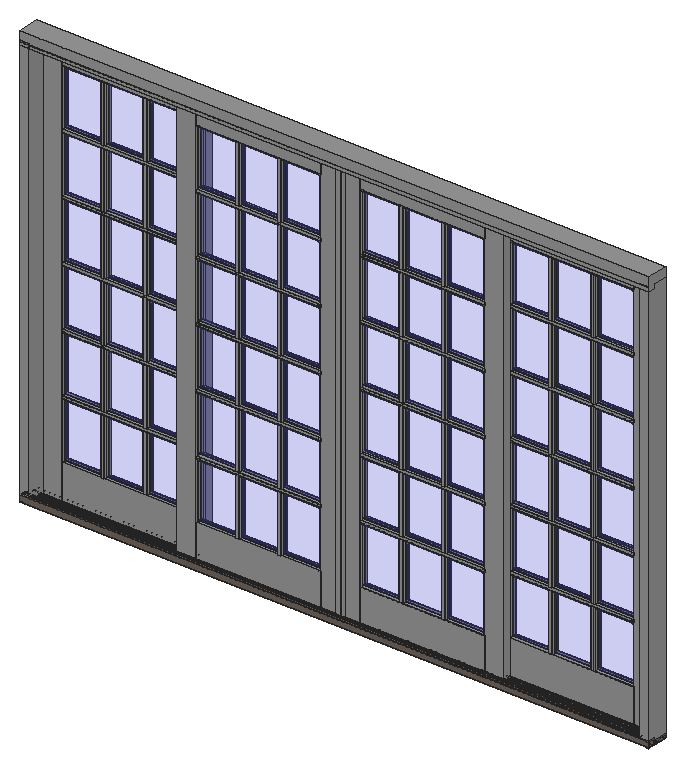
Revit family "VSDA3.1SPCO", category Doors, host Wall, Revit 2015 (continued)
Forms (mm)
  Extrusion 62, solid, material "Glass"
    sketch origin (1183.125, -64.05, -73.649) x (1, 0, 0) y (0, 0, 1)
      loop
        line (43.065, 1438.649) -> (43.065, 1154.66) -> (240.875, 1154.66) -> (240.875, 1438.649) -> (43.065, 1438.649)
      loop
        line (-167.785, 1438.66) -> (-167.785, 1154.66) -> (30.055, 1154.66) -> (30.055, 1438.66) -> (-167.785, 1438.66)
      loop
        line (-378.625, 1438.66) -> (-378.625, 1154.671) -> (-180.795, 1154.671) -> (-180.795, 1438.66) -> (-378.625, 1438.66)
      loop
        line (43.065, 1141.649) -> (43.065, 857.66) -> (240.875, 857.66) -> (240.875, 1141.649) -> (43.065, 1141.649)
      loop
        line (-167.785, 1141.66) -> (-167.785, 857.66) -> (30.055, 857.66) -> (30.055, 1141.66) -> (-167.785, 1141.66)
      loop
        line (-378.625, 1141.66) -> (-378.625, 857.671) -> (-180.795, 857.671) -> (-180.795, 1141.66) -> (-378.625, 1141.66)
      loop
        line (43.065, 844.649) -> (43.065, 560.66) -> (240.875, 560.66) -> (240.875, 844.649) -> (43.065, 844.649)
      loop
        line (-167.785, 844.66) -> (-167.785, 560.66) -> (30.055, 560.66) -> (30.055, 844.66) -> (-167.785, 844.66)
      loop
        line (-378.625, 844.66) -> (-378.625, 560.671) -> (-180.795, 560.671) -> (-180.795, 844.66) -> (-378.625, 844.66)
      loop
        line (43.065, 547.649) -> (43.065, 263.66) -> (240.875, 263.66) -> (240.875, 547.649) -> (43.065, 547.649)
      loop
        line (-167.785, 547.66) -> (-167.785, 263.66) -> (30.055, 263.66) -> (30.055, 547.66) -> (-167.785, 547.66)
      loop
        line (-378.625, 547.66) -> (-378.625, 263.671) -> (-180.795, 263.671) -> (-180.795, 547.66) -> (-378.625, 547.66)
    from -112.5 to -106.1
  Extrusion 63, solid, material "Lauan, Meranti"
    sketch origin (655, 0, 0) x (1, 0, 0) y (0, 1, 0)
      loop
        line (360.34, 31) -> (360.34, 33)
        arc (360.34, 33) -> (365.01, 34.634) -> (367.34, 39) r 6.807
        line (367.34, 39) -> (369.34, 39) -> (369.34, 41) -> (360.34, 41) -> (360.34, 71) -> (347.34, 71) -> (347.34, 41) -> (338.34, 41) -> (338.34, 39) -> (340.34, 39)
        arc (340.34, 39) -> (342.67, 34.634) -> (347.34, 33) r 6.807
        line (347.34, 33) -> (347.34, 31) -> (360.34, 31)
      loop
        line (571.18, 31) -> (571.18, 33)
        arc (571.18, 33) -> (575.85, 34.634) -> (578.18, 39) r 6.807
        line (578.18, 39) -> (580.18, 39) -> (580.18, 41) -> (571.18, 41) -> (571.18, 71) -> (558.18, 71) -> (558.18, 41) -> (549.18, 41) -> (549.18, 39) -> (551.18, 39)
        arc (551.18, 39) -> (553.51, 34.634) -> (558.18, 33) r 6.807
        line (558.18, 33) -> (558.18, 31) -> (571.18, 31)
    from 1675 to 1959
  Sweep 64, solid, material "Lauan, Meranti"
    path origin (699.785, -75, -781.763) x (1, 0, 0) y (0, 0, 1)
      loop
        line (315.575, 2740.763) -> (315.575, 2456.763) -> (513.395, 2456.763) -> (513.395, 2740.763) -> (315.575, 2740.763)
    profile origin (1114.27, -75, 1959) x (0, 0, 1) y (0, -1, 0)
      loop
        line (-9, -124.5) -> (-9, -126.5) -> (-7, -126.5)
        arc (-7, -126.5) -> (-4.67, -130.866) -> (0, -132.5) r 6.807
        line (0, -132.5) -> (0, -124.5) -> (-9, -124.5)
  Sweep 65, solid, material "Lauan, Meranti"
    path origin (488.945, -75, -781.763) x (1, 0, 0) y (0, 0, 1)
      loop
        line (315.575, 2740.763) -> (315.575, 2456.763) -> (513.395, 2456.763) -> (513.395, 2740.763) -> (315.575, 2740.763)
    profile origin (903.43, -75, 1959) x (0, 0, 1) y (0, -1, 0)
      loop
        line (-9, -124.5) -> (-9, -126.5) -> (-7, -126.5)
        arc (-7, -126.5) -> (-4.67, -130.866) -> (0, -132.5) r 6.807
        line (0, -132.5) -> (0, -124.5) -> (-9, -124.5)
  Sweep 66, solid, material "Lauan, Meranti"
    path origin (910.605, -75, -1078.763) x (1, 0, 0) y (0, 0, 1)
      loop
        line (315.575, 2740.763) -> (315.575, 2456.763) -> (513.395, 2456.763) -> (513.395, 2740.763) -> (315.575, 2740.763)
    profile origin (1325.09, -75, 1662) x (0, 0, 1) y (0, -1, 0)
      loop
        line (-9, -124.5) -> (-9, -126.5) -> (-7, -126.5)
        arc (-7, -126.5) -> (-4.67, -130.866) -> (0, -132.5) r 6.807
        line (0, -132.5) -> (0, -124.5) -> (-9, -124.5)
  Extrusion 67, solid, material "Lauan, Meranti"
    sketch origin (655, 0, -297) x (1, 0, 0) y (0, 1, 0)
      loop
        line (360.34, 31) -> (360.34, 33)
        arc (360.34, 33) -> (365.01, 34.634) -> (367.34, 39) r 6.807
        line (367.34, 39) -> (369.34, 39) -> (369.34, 41) -> (360.34, 41) -> (360.34, 71) -> (347.34, 71) -> (347.34, 41) -> (338.34, 41) -> (338.34, 39) -> (340.34, 39)
        arc (340.34, 39) -> (342.67, 34.634) -> (347.34, 33) r 6.807
        line (347.34, 33) -> (347.34, 31) -> (360.34, 31)
      loop
        line (571.18, 31) -> (571.18, 33)
        arc (571.18, 33) -> (575.85, 34.634) -> (578.18, 39) r 6.807
        line (578.18, 39) -> (580.18, 39) -> (580.18, 41) -> (571.18, 41) -> (571.18, 71) -> (558.18, 71) -> (558.18, 41) -> (549.18, 41) -> (549.18, 39) -> (551.18, 39)
        arc (551.18, 39) -> (553.51, 34.634) -> (558.18, 33) r 6.807
        line (558.18, 33) -> (558.18, 31) -> (571.18, 31)
    from 1675 to 1959
  Sweep 68, solid, material "Lauan, Meranti"
    path origin (699.785, -75, -1078.763) x (1, 0, 0) y (0, 0, 1)
      loop
        line (315.575, 2740.763) -> (315.575, 2456.763) -> (513.395, 2456.763) -> (513.395, 2740.763) -> (315.575, 2740.763)
    profile origin (1114.27, -75, 1662) x (0, 0, 1) y (0, -1, 0)
      loop
        line (-9, -124.5) -> (-9, -126.5) -> (-7, -126.5)
        arc (-7, -126.5) -> (-4.67, -130.866) -> (0, -132.5) r 6.807
        line (0, -132.5) -> (0, -124.5) -> (-9, -124.5)
  Sweep 69, solid, material "Lauan, Meranti"
    path origin (488.945, -75, -1078.763) x (1, 0, 0) y (0, 0, 1)
      loop
        line (315.575, 2740.763) -> (315.575, 2456.763) -> (513.395, 2456.763) -> (513.395, 2740.763) -> (315.575, 2740.763)
    profile origin (903.43, -75, 1662) x (0, 0, 1) y (0, -1, 0)
      loop
        line (-9, -124.5) -> (-9, -126.5) -> (-7, -126.5)
        arc (-7, -126.5) -> (-4.67, -130.866) -> (0, -132.5) r 6.807
        line (0, -132.5) -> (0, -124.5) -> (-9, -124.5)
  Sweep 70, solid, material "Lauan, Meranti"
    path origin (910.605, -75, -1375.763) x (1, 0, 0) y (0, 0, 1)
      loop
        line (315.575, 2740.763) -> (315.575, 2456.763) -> (513.395, 2456.763) -> (513.395, 2740.763) -> (315.575, 2740.763)
    profile origin (1325.09, -75, 1365) x (0, 0, 1) y (0, -1, 0)
      loop
        line (-9, -124.5) -> (-9, -126.5) -> (-7, -126.5)
        arc (-7, -126.5) -> (-4.67, -130.866) -> (0, -132.5) r 6.807
        line (0, -132.5) -> (0, -124.5) -> (-9, -124.5)
  Extrusion 71, solid, material "Lauan, Meranti"
    sketch origin (655, 0, -594) x (1, 0, 0) y (0, 1, 0)
      loop
        line (360.34, 31) -> (360.34, 33)
        arc (360.34, 33) -> (365.01, 34.634) -> (367.34, 39) r 6.807
        line (367.34, 39) -> (369.34, 39) -> (369.34, 41) -> (360.34, 41) -> (360.34, 71) -> (347.34, 71) -> (347.34, 41) -> (338.34, 41) -> (338.34, 39) -> (340.34, 39)
        arc (340.34, 39) -> (342.67, 34.634) -> (347.34, 33) r 6.807
        line (347.34, 33) -> (347.34, 31) -> (360.34, 31)
      loop
        line (571.18, 31) -> (571.18, 33)
        arc (571.18, 33) -> (575.85, 34.634) -> (578.18, 39) r 6.807
        line (578.18, 39) -> (580.18, 39) -> (580.18, 41) -> (571.18, 41) -> (571.18, 71) -> (558.18, 71) -> (558.18, 41) -> (549.18, 41) -> (549.18, 39) -> (551.18, 39)
        arc (551.18, 39) -> (553.51, 34.634) -> (558.18, 33) r 6.807
        line (558.18, 33) -> (558.18, 31) -> (571.18, 31)
    from 1675 to 1959
  Sweep 72, solid, material "Lauan, Meranti"
    path origin (699.785, -75, -1375.763) x (1, 0, 0) y (0, 0, 1)
      loop
        line (315.575, 2740.763) -> (315.575, 2456.763) -> (513.395, 2456.763) -> (513.395, 2740.763) -> (315.575, 2740.763)
    profile origin (1114.27, -75, 1365) x (0, 0, 1) y (0, -1, 0)
      loop
        line (-9, -124.5) -> (-9, -126.5) -> (-7, -126.5)
        arc (-7, -126.5) -> (-4.67, -130.866) -> (0, -132.5) r 6.807
        line (0, -132.5) -> (0, -124.5) -> (-9, -124.5)
  Sweep 73, solid, material "Lauan, Meranti"
    path origin (488.945, -75, -1375.763) x (1, 0, 0) y (0, 0, 1)
      loop
        line (315.575, 2740.763) -> (315.575, 2456.763) -> (513.395, 2456.763) -> (513.395, 2740.763) -> (315.575, 2740.763)
    profile origin (903.43, -75, 1365) x (0, 0, 1) y (0, -1, 0)
      loop
        line (-9, -124.5) -> (-9, -126.5) -> (-7, -126.5)
        arc (-7, -126.5) -> (-4.67, -130.866) -> (0, -132.5) r 6.807
        line (0, -132.5) -> (0, -124.5) -> (-9, -124.5)
  Sweep 74, solid, material "Lauan, Meranti"
    path origin (910.605, -75, -1672.763) x (1, 0, 0) y (0, 0, 1)
      loop
        line (315.575, 2740.763) -> (315.575, 2456.763) -> (513.395, 2456.763) -> (513.395, 2740.763) -> (315.575, 2740.763)
    profile origin (1325.09, -75, 1068) x (0, 0, 1) y (0, -1, 0)
      loop
        line (-9, -124.5) -> (-9, -126.5) -> (-7, -126.5)
        arc (-7, -126.5) -> (-4.67, -130.866) -> (0, -132.5) r 6.807
        line (0, -132.5) -> (0, -124.5) -> (-9, -124.5)
  Extrusion 75, solid, material "Lauan, Meranti"
    sketch origin (655, 0, -891) x (1, 0, 0) y (0, 1, 0)
      loop
        line (360.34, 31) -> (360.34, 33)
        arc (360.34, 33) -> (365.01, 34.634) -> (367.34, 39) r 6.807
        line (367.34, 39) -> (369.34, 39) -> (369.34, 41) -> (360.34, 41) -> (360.34, 71) -> (347.34, 71) -> (347.34, 41) -> (338.34, 41) -> (338.34, 39) -> (340.34, 39)
        arc (340.34, 39) -> (342.67, 34.634) -> (347.34, 33) r 6.807
        line (347.34, 33) -> (347.34, 31) -> (360.34, 31)
      loop
        line (571.18, 31) -> (571.18, 33)
        arc (571.18, 33) -> (575.85, 34.634) -> (578.18, 39) r 6.807
        line (578.18, 39) -> (580.18, 39) -> (580.18, 41) -> (571.18, 41) -> (571.18, 71) -> (558.18, 71) -> (558.18, 41) -> (549.18, 41) -> (549.18, 39) -> (551.18, 39)
        arc (551.18, 39) -> (553.51, 34.634) -> (558.18, 33) r 6.807
        line (558.18, 33) -> (558.18, 31) -> (571.18, 31)
    from 1675 to 1959
  Sweep 76, solid, material "Lauan, Meranti"
    path origin (699.785, -75, -1672.763) x (1, 0, 0) y (0, 0, 1)
      loop
        line (315.575, 2740.763) -> (315.575, 2456.763) -> (513.395, 2456.763) -> (513.395, 2740.763) -> (315.575, 2740.763)
    profile origin (1114.27, -75, 1068) x (0, 0, 1) y (0, -1, 0)
      loop
        line (-9, -124.5) -> (-9, -126.5) -> (-7, -126.5)
        arc (-7, -126.5) -> (-4.67, -130.866) -> (0, -132.5) r 6.807
        line (0, -132.5) -> (0, -124.5) -> (-9, -124.5)
  Sweep 77, solid, material "Lauan, Meranti"
    path origin (488.945, -75, -1672.763) x (1, 0, 0) y (0, 0, 1)
      loop
        line (315.575, 2740.763) -> (315.575, 2456.763) -> (513.395, 2456.763) -> (513.395, 2740.763) -> (315.575, 2740.763)
    profile origin (903.43, -75, 1068) x (0, 0, 1) y (0, -1, 0)
      loop
        line (-9, -124.5) -> (-9, -126.5) -> (-7, -126.5)
        arc (-7, -126.5) -> (-4.67, -130.866) -> (0, -132.5) r 6.807
        line (0, -132.5) -> (0, -124.5) -> (-9, -124.5)
  Sweep 78, solid, material "Lauan, Meranti"
    path origin (910.605, -75, -1969.763) x (1, 0, 0) y (0, 0, 1)
      loop
        line (315.575, 2740.763) -> (315.575, 2456.763) -> (513.395, 2456.763) -> (513.395, 2740.763) -> (315.575, 2740.763)
    profile origin (1325.09, -75, 771) x (0, 0, 1) y (0, -1, 0)
      loop
        line (-9, -124.5) -> (-9, -126.5) -> (-7, -126.5)
        arc (-7, -126.5) -> (-4.67, -130.866) -> (0, -132.5) r 6.807
        line (0, -132.5) -> (0, -124.5) -> (-9, -124.5)
  Extrusion 79, solid, material "Lauan, Meranti"
    sketch origin (655, 0, -1188) x (1, 0, 0) y (0, 1, 0)
      loop
        line (360.34, 31) -> (360.34, 33)
        arc (360.34, 33) -> (365.01, 34.634) -> (367.34, 39) r 6.807
        line (367.34, 39) -> (369.34, 39) -> (369.34, 41) -> (360.34, 41) -> (360.34, 71) -> (347.34, 71) -> (347.34, 41) -> (338.34, 41) -> (338.34, 39) -> (340.34, 39)
        arc (340.34, 39) -> (342.67, 34.634) -> (347.34, 33) r 6.807
        line (347.34, 33) -> (347.34, 31) -> (360.34, 31)
      loop
        line (571.18, 31) -> (571.18, 33)
        arc (571.18, 33) -> (575.85, 34.634) -> (578.18, 39) r 6.807
        line (578.18, 39) -> (580.18, 39) -> (580.18, 41) -> (571.18, 41) -> (571.18, 71) -> (558.18, 71) -> (558.18, 41) -> (549.18, 41) -> (549.18, 39) -> (551.18, 39)
        arc (551.18, 39) -> (553.51, 34.634) -> (558.18, 33) r 6.807
        line (558.18, 33) -> (558.18, 31) -> (571.18, 31)
    from 1675 to 1959
  Sweep 80, solid, material "Lauan, Meranti"
    path origin (699.785, -75, -1969.763) x (1, 0, 0) y (0, 0, 1)
      loop
        line (315.575, 2740.763) -> (315.575, 2456.763) -> (513.395, 2456.763) -> (513.395, 2740.763) -> (315.575, 2740.763)
    profile origin (1114.27, -75, 771) x (0, 0, 1) y (0, -1, 0)
      loop
        line (-9, -124.5) -> (-9, -126.5) -> (-7, -126.5)
        arc (-7, -126.5) -> (-4.67, -130.866) -> (0, -132.5) r 6.807
        line (0, -132.5) -> (0, -124.5) -> (-9, -124.5)
  Sweep 81, solid, material "Lauan, Meranti"
    path origin (488.945, -75, -1969.763) x (1, 0, 0) y (0, 0, 1)
      loop
        line (315.575, 2740.763) -> (315.575, 2456.763) -> (513.395, 2456.763) -> (513.395, 2740.763) -> (315.575, 2740.763)
    profile origin (903.43, -75, 771) x (0, 0, 1) y (0, -1, 0)
      loop
        line (-9, -124.5) -> (-9, -126.5) -> (-7, -126.5)
        arc (-7, -126.5) -> (-4.67, -130.866) -> (0, -132.5) r 6.807
        line (0, -132.5) -> (0, -124.5) -> (-9, -124.5)
  Sweep 82, solid, material "Lauan, Meranti"
    path origin (910.605, -75, -2266.763) x (1, 0, 0) y (0, 0, 1)
      loop
        line (315.575, 2740.763) -> (315.575, 2456.763) -> (513.395, 2456.763) -> (513.395, 2740.763) -> (315.575, 2740.763)
    profile origin (1325.09, -75, 474) x (0, 0, 1) y (0, -1, 0)
      loop
        line (-9, -124.5) -> (-9, -126.5) -> (-7, -126.5)
        arc (-7, -126.5) -> (-4.67, -130.866) -> (0, -132.5) r 6.807
        line (0, -132.5) -> (0, -124.5) -> (-9, -124.5)
  Extrusion 83, solid, material "Lauan, Meranti"
    sketch origin (655, 0, -1485) x (1, 0, 0) y (0, 1, 0)
      loop
        line (360.34, 31) -> (360.34, 33)
        arc (360.34, 33) -> (365.01, 34.634) -> (367.34, 39) r 6.807
        line (367.34, 39) -> (369.34, 39) -> (369.34, 41) -> (360.34, 41) -> (360.34, 71) -> (347.34, 71) -> (347.34, 41) -> (338.34, 41) -> (338.34, 39) -> (340.34, 39)
        arc (340.34, 39) -> (342.67, 34.634) -> (347.34, 33) r 6.807
        line (347.34, 33) -> (347.34, 31) -> (360.34, 31)
      loop
        line (571.18, 31) -> (571.18, 33)
        arc (571.18, 33) -> (575.85, 34.634) -> (578.18, 39) r 6.807
        line (578.18, 39) -> (580.18, 39) -> (580.18, 41) -> (571.18, 41) -> (571.18, 71) -> (558.18, 71) -> (558.18, 41) -> (549.18, 41) -> (549.18, 39) -> (551.18, 39)
        arc (551.18, 39) -> (553.51, 34.634) -> (558.18, 33) r 6.807
        line (558.18, 33) -> (558.18, 31) -> (571.18, 31)
    from 1675 to 1959
  Sweep 84, solid, material "Lauan, Meranti"
    path origin (699.785, -75, -2266.763) x (1, 0, 0) y (0, 0, 1)
      loop
        line (315.575, 2740.763) -> (315.575, 2456.763) -> (513.395, 2456.763) -> (513.395, 2740.763) -> (315.575, 2740.763)
    profile origin (1114.27, -75, 474) x (0, 0, 1) y (0, -1, 0)
      loop
        line (-9, -124.5) -> (-9, -126.5) -> (-7, -126.5)
        arc (-7, -126.5) -> (-4.67, -130.866) -> (0, -132.5) r 6.807
        line (0, -132.5) -> (0, -124.5) -> (-9, -124.5)
  Sweep 85, solid, material "Lauan, Meranti"
    path origin (488.945, -75, -2266.763) x (1, 0, 0) y (0, 0, 1)
      loop
        line (315.575, 2740.763) -> (315.575, 2456.763) -> (513.395, 2456.763) -> (513.395, 2740.763) -> (315.575, 2740.763)
    profile origin (903.43, -75, 474) x (0, 0, 1) y (0, -1, 0)
      loop
        line (-9, -124.5) -> (-9, -126.5) -> (-7, -126.5)
        arc (-7, -126.5) -> (-4.67, -130.866) -> (0, -132.5) r 6.807
        line (0, -132.5) -> (0, -124.5) -> (-9, -124.5)
  Extrusion 86, solid, material "Lauan, Meranti"
    sketch origin (968.5, 0, 0) x (0, 1, 0) y (0, 0, 1)
      loop
        line (-15.5, 190) -> (-15.5, 19) -> (24.5, 19) -> (24.5, 190) -> (-5.5, 190) -> (-5.5, 199) -> (-7.5, 199) -> (-7.5, 197)
        arc (-7.5, 197) -> (-11.866, 194.67) -> (-13.5, 190) r 6.807
        line (-13.5, 190) -> (-15.5, 190)
      loop
        line (-7.5, 1952) -> (-7.5, 1950) -> (-5.5, 1950) -> (-5.5, 1959) -> (24.5, 1959) -> (24.5, 2055) -> (-15.5, 2055) -> (-15.5, 1959) -> (-13.5, 1959)
        arc (-13.5, 1959) -> (-11.866, 1954.33) -> (-7.5, 1952) r 6.807
      loop
        line (-15.5, 1675) -> (-15.5, 1662) -> (-13.5, 1662)
        arc (-13.5, 1662) -> (-11.866, 1657.33) -> (-7.5, 1655) r 6.807
        line (-7.5, 1655) -> (-7.5, 1653) -> (-5.5, 1653) -> (-5.5, 1662) -> (24.5, 1662) -> (24.5, 1675) -> (-5.5, 1675) -> (-5.5, 1684) -> (-7.5, 1684) -> (-7.5, 1682)
        arc (-7.5, 1682) -> (-11.866, 1679.67) -> (-13.5, 1675) r 6.807
        line (-13.5, 1675) -> (-15.5, 1675)
      loop
        line (-15.5, 1378) -> (-15.5, 1365) -> (-13.5, 1365)
        arc (-13.5, 1365) -> (-11.866, 1360.33) -> (-7.5, 1358) r 6.807
        line (-7.5, 1358) -> (-7.5, 1356) -> (-5.5, 1356) -> (-5.5, 1365) -> (24.5, 1365) -> (24.5, 1378) -> (-5.5, 1378) -> (-5.5, 1387) -> (-7.5, 1387) -> (-7.5, 1385)
        arc (-7.5, 1385) -> (-11.866, 1382.67) -> (-13.5, 1378) r 6.807
        line (-13.5, 1378) -> (-15.5, 1378)
      loop
        line (-15.5, 1081) -> (-15.5, 1068) -> (-13.5, 1068)
        arc (-13.5, 1068) -> (-11.866, 1063.33) -> (-7.5, 1061) r 6.807
        line (-7.5, 1061) -> (-7.5, 1059) -> (-5.5, 1059) -> (-5.5, 1068) -> (24.5, 1068) -> (24.5, 1081) -> (-5.5, 1081) -> (-5.5, 1090) -> (-7.5, 1090) -> (-7.5, 1088)
        arc (-7.5, 1088) -> (-11.866, 1085.67) -> (-13.5, 1081) r 6.807
        line (-13.5, 1081) -> (-15.5, 1081)
      loop
        line (-15.5, 784) -> (-15.5, 771) -> (-13.5, 771)
        arc (-13.5, 771) -> (-11.866, 766.33) -> (-7.5, 764) r 6.807
        line (-7.5, 764) -> (-7.5, 762) -> (-5.5, 762) -> (-5.5, 771) -> (24.5, 771) -> (24.5, 784) -> (-5.5, 784) -> (-5.5, 793) -> (-7.5, 793) -> (-7.5, 791)
        arc (-7.5, 791) -> (-11.866, 788.67) -> (-13.5, 784) r 6.807
        line (-13.5, 784) -> (-15.5, 784)
      loop
        line (-15.5, 487) -> (-15.5, 474) -> (-13.5, 474)
        arc (-13.5, 474) -> (-11.866, 469.33) -> (-7.5, 467) r 6.807
        line (-7.5, 467) -> (-7.5, 465) -> (-5.5, 465) -> (-5.5, 474) -> (24.5, 474) -> (24.5, 487) -> (-5.5, 487) -> (-5.5, 496) -> (-7.5, 496) -> (-7.5, 494)
        arc (-7.5, 494) -> (-11.866, 491.67) -> (-13.5, 487) r 6.807
        line (-13.5, 487) -> (-15.5, 487)
    from -870.5 to -251
  Sweep 87, solid, material "Lauan, Meranti"
    path origin (204.105, -121.5, -781.763) x (1, 0, 0) y (0, 0, 1)
      loop
        line (315.575, 2740.763) -> (315.575, 2456.763) -> (513.395, 2456.763) -> (513.395, 2740.763) -> (315.575, 2740.763)
    profile origin (618.59, -121.5, 1959) x (0, 0, 1) y (0, -1, 0)
      loop
        line (-9, -124.5) -> (-9, -126.5) -> (-7, -126.5)
        arc (-7, -126.5) -> (-4.67, -130.866) -> (0, -132.5) r 6.807
        line (0, -132.5) -> (0, -124.5) -> (-9, -124.5)
  Extrusion 88, solid, material "Glass"
    sketch origin (476.625, -110.55, -73.649) x (1, 0, 0) y (0, 0, 1)
      loop
        line (43.065, 2032.638) -> (43.065, 1748.649) -> (240.875, 1748.649) -> (240.875, 2032.638) -> (43.065, 2032.638)
      loop
        line (-167.785, 2032.649) -> (-167.785, 1748.649) -> (30.055, 1748.649) -> (30.055, 2032.649) -> (-167.785, 2032.649)
      loop
        line (-378.625, 2032.649) -> (-378.625, 1748.66) -> (-180.795, 1748.66) -> (-180.795, 2032.649) -> (-378.625, 2032.649)
      loop
        line (43.065, 1735.649) -> (43.065, 1451.66) -> (240.875, 1451.66) -> (240.875, 1735.649) -> (43.065, 1735.649)
      loop
        line (-167.785, 1735.66) -> (-167.785, 1451.66) -> (30.055, 1451.66) -> (30.055, 1735.66) -> (-167.785, 1735.66)
      loop
        line (-378.625, 1735.66) -> (-378.625, 1451.671) -> (-180.795, 1451.671) -> (-180.795, 1735.66) -> (-378.625, 1735.66)
      loop
        line (43.065, 1438.649) -> (43.065, 1154.66) -> (240.875, 1154.66) -> (240.875, 1438.649) -> (43.065, 1438.649)
      loop
        line (-167.785, 1438.66) -> (-167.785, 1154.66) -> (30.055, 1154.66) -> (30.055, 1438.66) -> (-167.785, 1438.66)
      loop
        line (-378.625, 1438.66) -> (-378.625, 1154.671) -> (-180.795, 1154.671) -> (-180.795, 1438.66) -> (-378.625, 1438.66)
      loop
        line (43.065, 1141.649) -> (43.065, 857.66) -> (240.875, 857.66) -> (240.875, 1141.649) -> (43.065, 1141.649)
      loop
        line (-167.785, 1141.66) -> (-167.785, 857.66) -> (30.055, 857.66) -> (30.055, 1141.66) -> (-167.785, 1141.66)
      loop
        line (-378.625, 1141.66) -> (-378.625, 857.671) -> (-180.795, 857.671) -> (-180.795, 1141.66) -> (-378.625, 1141.66)
      loop
        line (43.065, 844.649) -> (43.065, 560.66) -> (240.875, 560.66) -> (240.875, 844.649) -> (43.065, 844.649)
      loop
        line (-167.785, 844.66) -> (-167.785, 560.66) -> (30.055, 560.66) -> (30.055, 844.66) -> (-167.785, 844.66)
      loop
        line (-378.625, 844.66) -> (-378.625, 560.671) -> (-180.795, 560.671) -> (-180.795, 844.66) -> (-378.625, 844.66)
      loop
        line (43.065, 547.649) -> (43.065, 263.66) -> (240.875, 263.66) -> (240.875, 547.649) -> (43.065, 547.649)
      loop
        line (-167.785, 547.66) -> (-167.785, 263.66) -> (30.055, 263.66) -> (30.055, 547.66) -> (-167.785, 547.66)
      loop
        line (-378.625, 547.66) -> (-378.625, 263.671) -> (-180.795, 263.671) -> (-180.795, 547.66) -> (-378.625, 547.66)
    from -112.5 to -106.1
  Extrusion 89, solid, material "Lauan, Meranti"
    sketch origin (-51.5, -46.5, 0) x (1, 0, 0) y (0, 1, 0)
      loop
        line (360.34, 31) -> (360.34, 33)
        arc (360.34, 33) -> (365.01, 34.634) -> (367.34, 39) r 6.807
        line (367.34, 39) -> (369.34, 39) -> (369.34, 41) -> (360.34, 41) -> (360.34, 71) -> (347.34, 71) -> (347.34, 41) -> (338.34, 41) -> (338.34, 39) -> (340.34, 39)
        arc (340.34, 39) -> (342.67, 34.634) -> (347.34, 33) r 6.807
        line (347.34, 33) -> (347.34, 31) -> (360.34, 31)
      loop
        line (571.18, 31) -> (571.18, 33)
        arc (571.18, 33) -> (575.85, 34.634) -> (578.18, 39) r 6.807
        line (578.18, 39) -> (580.18, 39) -> (580.18, 41) -> (571.18, 41) -> (571.18, 71) -> (558.18, 71) -> (558.18, 41) -> (549.18, 41) -> (549.18, 39) -> (551.18, 39)
        arc (551.18, 39) -> (553.51, 34.634) -> (558.18, 33) r 6.807
        line (558.18, 33) -> (558.18, 31) -> (571.18, 31)
    from 1675 to 1959
  Sweep 90, solid, material "Lauan, Meranti"
    path origin (-6.715, -121.5, -781.763) x (1, 0, 0) y (0, 0, 1)
      loop
        line (315.575, 2740.763) -> (315.575, 2456.763) -> (513.395, 2456.763) -> (513.395, 2740.763) -> (315.575, 2740.763)
    profile origin (407.77, -121.5, 1959) x (0, 0, 1) y (0, -1, 0)
      loop
        line (-9, -124.5) -> (-9, -126.5) -> (-7, -126.5)
        arc (-7, -126.5) -> (-4.67, -130.866) -> (0, -132.5) r 6.807
        line (0, -132.5) -> (0, -124.5) -> (-9, -124.5)
  Sweep 91, solid, material "Lauan, Meranti"
    path origin (-217.555, -121.5, -781.763) x (1, 0, 0) y (0, 0, 1)
      loop
        line (315.575, 2740.763) -> (315.575, 2456.763) -> (513.395, 2456.763) -> (513.395, 2740.763) -> (315.575, 2740.763)
    profile origin (196.93, -121.5, 1959) x (0, 0, 1) y (0, -1, 0)
      loop
        line (-9, -124.5) -> (-9, -126.5) -> (-7, -126.5)
        arc (-7, -126.5) -> (-4.67, -130.866) -> (0, -132.5) r 6.807
        line (0, -132.5) -> (0, -124.5) -> (-9, -124.5)
  Sweep 92, solid, material "Lauan, Meranti"
    path origin (204.105, -121.5, -1078.763) x (1, 0, 0) y (0, 0, 1)
      loop
        line (315.575, 2740.763) -> (315.575, 2456.763) -> (513.395, 2456.763) -> (513.395, 2740.763) -> (315.575, 2740.763)
    profile origin (618.59, -121.5, 1662) x (0, 0, 1) y (0, -1, 0)
      loop
        line (-9, -124.5) -> (-9, -126.5) -> (-7, -126.5)
        arc (-7, -126.5) -> (-4.67, -130.866) -> (0, -132.5) r 6.807
        line (0, -132.5) -> (0, -124.5) -> (-9, -124.5)
  Sweep 93, solid, material "Lauan, Meranti"
    path origin (-6.715, -121.5, -1078.763) x (1, 0, 0) y (0, 0, 1)
      loop
        line (315.575, 2740.763) -> (315.575, 2456.763) -> (513.395, 2456.763) -> (513.395, 2740.763) -> (315.575, 2740.763)
    profile origin (407.77, -121.5, 1662) x (0, 0, 1) y (0, -1, 0)
      loop
        line (-9, -124.5) -> (-9, -126.5) -> (-7, -126.5)
        arc (-7, -126.5) -> (-4.67, -130.866) -> (0, -132.5) r 6.807
        line (0, -132.5) -> (0, -124.5) -> (-9, -124.5)
  Sweep 94, solid, material "Lauan, Meranti"
    path origin (-217.555, -121.5, -1078.763) x (1, 0, 0) y (0, 0, 1)
      loop
        line (315.575, 2740.763) -> (315.575, 2456.763) -> (513.395, 2456.763) -> (513.395, 2740.763) -> (315.575, 2740.763)
    profile origin (196.93, -121.5, 1662) x (0, 0, 1) y (0, -1, 0)
      loop
        line (-9, -124.5) -> (-9, -126.5) -> (-7, -126.5)
        arc (-7, -126.5) -> (-4.67, -130.866) -> (0, -132.5) r 6.807
        line (0, -132.5) -> (0, -124.5) -> (-9, -124.5)
  Sweep 95, solid, material "Lauan, Meranti"
    path origin (204.105, -121.5, -1375.763) x (1, 0, 0) y (0, 0, 1)
      loop
        line (315.575, 2740.763) -> (315.575, 2456.763) -> (513.395, 2456.763) -> (513.395, 2740.763) -> (315.575, 2740.763)
    profile origin (618.59, -121.5, 1365) x (0, 0, 1) y (0, -1, 0)
      loop
        line (-9, -124.5) -> (-9, -126.5) -> (-7, -126.5)
        arc (-7, -126.5) -> (-4.67, -130.866) -> (0, -132.5) r 6.807
        line (0, -132.5) -> (0, -124.5) -> (-9, -124.5)
  Sweep 96, solid, material "Lauan, Meranti"
    path origin (-6.715, -121.5, -1375.763) x (1, 0, 0) y (0, 0, 1)
      loop
        line (315.575, 2740.763) -> (315.575, 2456.763) -> (513.395, 2456.763) -> (513.395, 2740.763) -> (315.575, 2740.763)
    profile origin (407.77, -121.5, 1365) x (0, 0, 1) y (0, -1, 0)
      loop
        line (-9, -124.5) -> (-9, -126.5) -> (-7, -126.5)
        arc (-7, -126.5) -> (-4.67, -130.866) -> (0, -132.5) r 6.807
        line (0, -132.5) -> (0, -124.5) -> (-9, -124.5)
  Sweep 97, solid, material "Lauan, Meranti"
    path origin (-217.555, -121.5, -1375.763) x (1, 0, 0) y (0, 0, 1)
      loop
        line (315.575, 2740.763) -> (315.575, 2456.763) -> (513.395, 2456.763) -> (513.395, 2740.763) -> (315.575, 2740.763)
    profile origin (196.93, -121.5, 1365) x (0, 0, 1) y (0, -1, 0)
      loop
        line (-9, -124.5) -> (-9, -126.5) -> (-7, -126.5)
        arc (-7, -126.5) -> (-4.67, -130.866) -> (0, -132.5) r 6.807
        line (0, -132.5) -> (0, -124.5) -> (-9, -124.5)
  Sweep 98, solid, material "Lauan, Meranti"
    path origin (204.105, -121.5, -1672.763) x (1, 0, 0) y (0, 0, 1)
      loop
        line (315.575, 2740.763) -> (315.575, 2456.763) -> (513.395, 2456.763) -> (513.395, 2740.763) -> (315.575, 2740.763)
    profile origin (618.59, -121.5, 1068) x (0, 0, 1) y (0, -1, 0)
      loop
        line (-9, -124.5) -> (-9, -126.5) -> (-7, -126.5)
        arc (-7, -126.5) -> (-4.67, -130.866) -> (0, -132.5) r 6.807
        line (0, -132.5) -> (0, -124.5) -> (-9, -124.5)
  Sweep 99, solid, material "Lauan, Meranti"
    path origin (-6.715, -121.5, -1672.763) x (1, 0, 0) y (0, 0, 1)
      loop
        line (315.575, 2740.763) -> (315.575, 2456.763) -> (513.395, 2456.763) -> (513.395, 2740.763) -> (315.575, 2740.763)
    profile origin (407.77, -121.5, 1068) x (0, 0, 1) y (0, -1, 0)
      loop
        line (-9, -124.5) -> (-9, -126.5) -> (-7, -126.5)
        arc (-7, -126.5) -> (-4.67, -130.866) -> (0, -132.5) r 6.807
        line (0, -132.5) -> (0, -124.5) -> (-9, -124.5)
  Sweep 100, solid, material "Lauan, Meranti"
    path origin (-217.555, -121.5, -1672.763) x (1, 0, 0) y (0, 0, 1)
      loop
        line (315.575, 2740.763) -> (315.575, 2456.763) -> (513.395, 2456.763) -> (513.395, 2740.763) -> (315.575, 2740.763)
    profile origin (196.93, -121.5, 1068) x (0, 0, 1) y (0, -1, 0)
      loop
        line (-9, -124.5) -> (-9, -126.5) -> (-7, -126.5)
        arc (-7, -126.5) -> (-4.67, -130.866) -> (0, -132.5) r 6.807
        line (0, -132.5) -> (0, -124.5) -> (-9, -124.5)
  Sweep 101, solid, material "Lauan, Meranti"
    path origin (204.105, -121.5, -1969.763) x (1, 0, 0) y (0, 0, 1)
      loop
        line (315.575, 2740.763) -> (315.575, 2456.763) -> (513.395, 2456.763) -> (513.395, 2740.763) -> (315.575, 2740.763)
    profile origin (618.59, -121.5, 771) x (0, 0, 1) y (0, -1, 0)
      loop
        line (-9, -124.5) -> (-9, -126.5) -> (-7, -126.5)
        arc (-7, -126.5) -> (-4.67, -130.866) -> (0, -132.5) r 6.807
        line (0, -132.5) -> (0, -124.5) -> (-9, -124.5)
  Sweep 102, solid, material "Lauan, Meranti"
    path origin (-6.715, -121.5, -1969.763) x (1, 0, 0) y (0, 0, 1)
      loop
        line (315.575, 2740.763) -> (315.575, 2456.763) -> (513.395, 2456.763) -> (513.395, 2740.763) -> (315.575, 2740.763)
    profile origin (407.77, -121.5, 771) x (0, 0, 1) y (0, -1, 0)
      loop
        line (-9, -124.5) -> (-9, -126.5) -> (-7, -126.5)
        arc (-7, -126.5) -> (-4.67, -130.866) -> (0, -132.5) r 6.807
        line (0, -132.5) -> (0, -124.5) -> (-9, -124.5)
  Sweep 103, solid, material "Lauan, Meranti"
    path origin (-217.555, -121.5, -1969.763) x (1, 0, 0) y (0, 0, 1)
      loop
        line (315.575, 2740.763) -> (315.575, 2456.763) -> (513.395, 2456.763) -> (513.395, 2740.763) -> (315.575, 2740.763)
    profile origin (196.93, -121.5, 771) x (0, 0, 1) y (0, -1, 0)
      loop
        line (-9, -124.5) -> (-9, -126.5) -> (-7, -126.5)
        arc (-7, -126.5) -> (-4.67, -130.866) -> (0, -132.5) r 6.807
        line (0, -132.5) -> (0, -124.5) -> (-9, -124.5)
  Sweep 104, solid, material "Lauan, Meranti"
    path origin (204.105, -121.5, -2266.763) x (1, 0, 0) y (0, 0, 1)
      loop
        line (315.575, 2740.763) -> (315.575, 2456.763) -> (513.395, 2456.763) -> (513.395, 2740.763) -> (315.575, 2740.763)
    profile origin (618.59, -121.5, 474) x (0, 0, 1) y (0, -1, 0)
      loop
        line (-9, -124.5) -> (-9, -126.5) -> (-7, -126.5)
        arc (-7, -126.5) -> (-4.67, -130.866) -> (0, -132.5) r 6.807
        line (0, -132.5) -> (0, -124.5) -> (-9, -124.5)
  Sweep 105, solid, material "Lauan, Meranti"
    path origin (-6.715, -121.5, -2266.763) x (1, 0, 0) y (0, 0, 1)
      loop
        line (315.575, 2740.763) -> (315.575, 2456.763) -> (513.395, 2456.763) -> (513.395, 2740.763) -> (315.575, 2740.763)
    profile origin (407.77, -121.5, 474) x (0, 0, 1) y (0, -1, 0)
      loop
        line (-9, -124.5) -> (-9, -126.5) -> (-7, -126.5)
        arc (-7, -126.5) -> (-4.67, -130.866) -> (0, -132.5) r 6.807
        line (0, -132.5) -> (0, -124.5) -> (-9, -124.5)
  Sweep 106, solid, material "Lauan, Meranti"
    path origin (-217.555, -121.5, -2266.763) x (1, 0, 0) y (0, 0, 1)
      loop
        line (315.575, 2740.763) -> (315.575, 2456.763) -> (513.395, 2456.763) -> (513.395, 2740.763) -> (315.575, 2740.763)
    profile origin (196.93, -121.5, 474) x (0, 0, 1) y (0, -1, 0)
      loop
        line (-9, -124.5) -> (-9, -126.5) -> (-7, -126.5)
        arc (-7, -126.5) -> (-4.67, -130.866) -> (0, -132.5) r 6.807
        line (0, -132.5) -> (0, -124.5) -> (-9, -124.5)
  Extrusion 107, solid, material "Lauan, Meranti"
    sketch origin (-51.5, -46.5, -594) x (1, 0, 0) y (0, 1, 0)
      loop
        line (360.34, 31) -> (360.34, 33)
        arc (360.34, 33) -> (365.01, 34.634) -> (367.34, 39) r 6.807
        line (367.34, 39) -> (369.34, 39) -> (369.34, 41) -> (360.34, 41) -> (360.34, 71) -> (347.34, 71) -> (347.34, 41) -> (338.34, 41) -> (338.34, 39) -> (340.34, 39)
        arc (340.34, 39) -> (342.67, 34.634) -> (347.34, 33) r 6.807
        line (347.34, 33) -> (347.34, 31) -> (360.34, 31)
      loop
        line (571.18, 31) -> (571.18, 33)
        arc (571.18, 33) -> (575.85, 34.634) -> (578.18, 39) r 6.807
        line (578.18, 39) -> (580.18, 39) -> (580.18, 41) -> (571.18, 41) -> (571.18, 71) -> (558.18, 71) -> (558.18, 41) -> (549.18, 41) -> (549.18, 39) -> (551.18, 39)
        arc (551.18, 39) -> (553.51, 34.634) -> (558.18, 33) r 6.807
        line (558.18, 33) -> (558.18, 31) -> (571.18, 31)
    from 1675 to 1959
  Extrusion 108, solid, material "Lauan, Meranti"
    sketch origin (-51.5, -46.5, -891) x (1, 0, 0) y (0, 1, 0)
      loop
        line (360.34, 31) -> (360.34, 33)
        arc (360.34, 33) -> (365.01, 34.634) -> (367.34, 39) r 6.807
        line (367.34, 39) -> (369.34, 39) -> (369.34, 41) -> (360.34, 41) -> (360.34, 71) -> (347.34, 71) -> (347.34, 41) -> (338.34, 41) -> (338.34, 39) -> (340.34, 39)
        arc (340.34, 39) -> (342.67, 34.634) -> (347.34, 33) r 6.807
        line (347.34, 33) -> (347.34, 31) -> (360.34, 31)
      loop
        line (571.18, 31) -> (571.18, 33)
        arc (571.18, 33) -> (575.85, 34.634) -> (578.18, 39) r 6.807
        line (578.18, 39) -> (580.18, 39) -> (580.18, 41) -> (571.18, 41) -> (571.18, 71) -> (558.18, 71) -> (558.18, 41) -> (549.18, 41) -> (549.18, 39) -> (551.18, 39)
        arc (551.18, 39) -> (553.51, 34.634) -> (558.18, 33) r 6.807
        line (558.18, 33) -> (558.18, 31) -> (571.18, 31)
    from 1675 to 1959
  Extrusion 109, solid, material "Lauan, Meranti"
    sketch origin (-51.5, -46.5, -1188) x (1, 0, 0) y (0, 1, 0)
      loop
        line (360.34, 31) -> (360.34, 33)
        arc (360.34, 33) -> (365.01, 34.634) -> (367.34, 39) r 6.807
        line (367.34, 39) -> (369.34, 39) -> (369.34, 41) -> (360.34, 41) -> (360.34, 71) -> (347.34, 71) -> (347.34, 41) -> (338.34, 41) -> (338.34, 39) -> (340.34, 39)
        arc (340.34, 39) -> (342.67, 34.634) -> (347.34, 33) r 6.807
        line (347.34, 33) -> (347.34, 31) -> (360.34, 31)
      loop
        line (571.18, 31) -> (571.18, 33)
        arc (571.18, 33) -> (575.85, 34.634) -> (578.18, 39) r 6.807
        line (578.18, 39) -> (580.18, 39) -> (580.18, 41) -> (571.18, 41) -> (571.18, 71) -> (558.18, 71) -> (558.18, 41) -> (549.18, 41) -> (549.18, 39) -> (551.18, 39)
        arc (551.18, 39) -> (553.51, 34.634) -> (558.18, 33) r 6.807
        line (558.18, 33) -> (558.18, 31) -> (571.18, 31)
    from 1675 to 1959
  Extrusion 110, solid, material "Lauan, Meranti"
    sketch origin (-51.5, -46.5, -1485) x (1, 0, 0) y (0, 1, 0)
      loop
        line (360.34, 31) -> (360.34, 33)
        arc (360.34, 33) -> (365.01, 34.634) -> (367.34, 39) r 6.807
        line (367.34, 39) -> (369.34, 39) -> (369.34, 41) -> (360.34, 41) -> (360.34, 71) -> (347.34, 71) -> (347.34, 41) -> (338.34, 41) -> (338.34, 39) -> (340.34, 39)
        arc (340.34, 39) -> (342.67, 34.634) -> (347.34, 33) r 6.807
        line (347.34, 33) -> (347.34, 31) -> (360.34, 31)
      loop
        line (571.18, 31) -> (571.18, 33)
        arc (571.18, 33) -> (575.85, 34.634) -> (578.18, 39) r 6.807
        line (578.18, 39) -> (580.18, 39) -> (580.18, 41) -> (571.18, 41) -> (571.18, 71) -> (558.18, 71) -> (558.18, 41) -> (549.18, 41) -> (549.18, 39) -> (551.18, 39)
        arc (551.18, 39) -> (553.51, 34.634) -> (558.18, 33) r 6.807
        line (558.18, 33) -> (558.18, 31) -> (571.18, 31)
    from 1675 to 1959
  Extrusion 111, solid, material "Lauan, Meranti"
    sketch origin (-51.5, -46.5, -296.989) x (1, 0, 0) y (0, 1, 0)
      loop
        line (360.34, 31) -> (360.34, 33)
        arc (360.34, 33) -> (365.01, 34.634) -> (367.34, 39) r 6.807
        line (367.34, 39) -> (369.34, 39) -> (369.34, 41) -> (360.34, 41) -> (360.34, 71) -> (347.34, 71) -> (347.34, 41) -> (338.34, 41) -> (338.34, 39) -> (340.34, 39)
        arc (340.34, 39) -> (342.67, 34.634) -> (347.34, 33) r 6.807
        line (347.34, 33) -> (347.34, 31) -> (360.34, 31)
      loop
        line (571.18, 31) -> (571.18, 33)
        arc (571.18, 33) -> (575.85, 34.634) -> (578.18, 39) r 6.807
        line (578.18, 39) -> (580.18, 39) -> (580.18, 41) -> (571.18, 41) -> (571.18, 71) -> (558.18, 71) -> (558.18, 41) -> (549.18, 41) -> (549.18, 39) -> (551.18, 39)
        arc (551.18, 39) -> (553.51, 34.634) -> (558.18, 33) r 6.807
        line (558.18, 33) -> (558.18, 31) -> (571.18, 31)
    from 1675 to 1959
Cuts and joins
  joined: Extrusion 3, Extrusion 4
Lines and regions (mm)
  Opening 1
    outline origin (-3050, -75, 0) x (1, 0, 0) y (0, 0, 1)
      loop
        line (1485, 0) -> (4615, 0) -> (4615, 2100) -> (1485, 2100) -> (1485, 0)
  model lines
    curve 1: line (227.533, 99.5, 1050) -> (482.533, 99.5, 1050)
    curve 2: line (621.611, 99.5, 1050) -> (482.533, 99.5, 1106.191)
    curve 3: line (482.533, 99.5, 1106.191) -> (482.533, 99.5, 993.809)
    curve 4: line (621.611, 99.5, 1050) -> (482.533, 99.5, 993.809)
    curve 5: line (-227.533, 99.5, 1050) -> (-482.533, 99.5, 1050)
    curve 6: line (-621.611, 99.5, 1050) -> (-482.533, 99.5, 1106.191)
    curve 7: line (-482.533, 99.5, 1106.191) -> (-482.533, 99.5, 993.809)
    curve 8: line (-621.611, 99.5, 1050) -> (-482.533, 99.5, 993.809)
Text (mm)
  text "Exterior" at (-2295.016, 1099.543, 0), in view "Ref. Level"
  text "Exterior" at (0, 1615.38, 3698.081), in view "Left"
  text "Exterior" at (0, 1036.032, 3874.932), in view "Right"
Dimensions and locks
  equal spacing: plane 3 "Left", plane 2 "Center (Left/Right)", plane 4 "Right"
  "Width": plane 3 "Left" to plane 4 "Right"
  "Height": plane 5 to host wall
  host wall to plane 5 = 2100 mm  (x2)
  locked: plane 6 "Exterior" to host wall at 0
  locked: plane 7 "Interior" to host wall
  plane 3 "Left" to plane 4 "Right" = 3130 mm
  aligned and locked: plane 3 "Left" to Opening 1 sketch curve
  aligned and locked: plane 5 to Opening 1 sketch curve  (x2)
  aligned and locked: Opening 1 sketch curve to plane 4 "Right"
  aligned and locked: Opening 1 sketch curve to level
  aligned and locked: plane 1 to host wall
  aligned and locked: Extrusion 1 to host wall  (x2)
  aligned and locked: Extrusion 2 to host wall  (x2)
  aligned and locked: Extrusion 4 to Extrusion 1  (x2)
  aligned and locked: Extrusion 3 to Extrusion 1
  aligned and locked: Extrusion 3 to Extrusion 2
  aligned and locked: Sweep 9 sketch curve to Extrusion 8
  aligned and locked: Extrusion 8 to Extrusion 11  (x2)
  aligned and locked: Extrusion 8 to Extrusion 6
  aligned and locked: Sweep 35 sketch curve to Extrusion 34
  aligned and locked: Extrusion 34 to Extrusion 37  (x2)
  aligned and locked: Extrusion 60 to Sweep 61 sketch curve
  aligned and locked: Extrusion 63 to Extrusion 60  (x2)
  aligned and locked: Extrusion 86 to Sweep 87 sketch curve
  aligned and locked: Extrusion 89 to Extrusion 86  (x2)
Automatic sketch dimensions
  Extrusion 1 sketch curve to level = 0 mm
  level to Extrusion 1 sketch curve = 1 mm
  Extrusion 1 sketch curve to host wall = 22.5 mm
  Extrusion 1 sketch curve to Extrusion 1 sketch curve = 1 mm  (x7)
  Extrusion 1 sketch curve to Extrusion 1 sketch curve = 0.5 mm  (x8)
  Extrusion 1 sketch curve to Extrusion 1 sketch curve = 8.551 mm
  Extrusion 1 sketch curve to Extrusion 1 sketch curve = 0.717 mm  (x10)
  Extrusion 1 sketch curve to Extrusion 1 sketch curve = 1.732 mm  (x10)
  Extrusion 1 sketch curve to Extrusion 1 sketch curve = 0 mm  (x26)
  Extrusion 1 sketch curve to Extrusion 1 sketch curve = 3.101 mm  (x3)
  Extrusion 1 sketch curve to Extrusion 1 sketch curve = 6.351 mm
  Extrusion 1 sketch curve to Extrusion 1 sketch curve = 1.5 mm  (x15)
  Extrusion 1 sketch curve to Extrusion 1 sketch curve = 0.7 mm
  level to Extrusion 1 sketch curve = 1.5 mm  (x3)
  Extrusion 1 sketch curve to Extrusion 1 sketch curve = 1.2 mm  (x2)
  Extrusion 1 sketch curve to Extrusion 1 sketch curve = 8.248 mm
  host wall to Extrusion 1 sketch curve = 4.5 mm
  host wall to Extrusion 1 sketch curve = 1.5 mm  (x2)
  Extrusion 1 sketch curve to host wall = 1.817 mm
  Extrusion 1 sketch curve to Extrusion 1 sketch curve = 1.433 mm  (x3)
  Extrusion 1 sketch curve to host wall = 3.75 mm
  Extrusion 1 sketch curve to Extrusion 1 sketch curve = 1.25 mm  (x2)
  Extrusion 1 sketch curve to Extrusion 1 sketch curve = 3.317 mm
  Extrusion 1 sketch curve to Extrusion 1 sketch curve = 4.551 mm
  Extrusion 1 sketch curve to Extrusion 1 sketch curve = 10.551 mm
  Extrusion 1 sketch curve to Extrusion 1 sketch curve = 11 mm
  Extrusion 1 sketch curve to Extrusion 1 sketch curve = 14.5 mm
  Extrusion 1 sketch curve to Extrusion 1 sketch curve = 2 mm  (x4)
  Extrusion 1 sketch curve to Extrusion 1 sketch curve = 0.3 mm
  Extrusion 1 sketch curve to Extrusion 1 sketch curve = 2.5 mm
  Extrusion 1 sketch curve to Extrusion 1 sketch curve = 1.488 mm
  Extrusion 1 sketch curve to Extrusion 1 sketch curve = 1.012 mm
  Extrusion 1 sketch curve to Extrusion 1 sketch curve = 5.5 mm
  plane 5 to Extrusion 2 sketch curve = 0 mm
  Extrusion 2 sketch curve to host wall = 22.5 mm
  Extrusion 2 sketch curve to Extrusion 2 sketch curve = 0 mm  (x2)
  Extrusion 2 sketch curve to Extrusion 2 sketch curve = 3 mm  (x3)
  Extrusion 2 sketch curve to Extrusion 2 sketch curve = 22 mm
  Extrusion 2 sketch curve to Extrusion 2 sketch curve = 7 mm  (x2)
  Extrusion 2 sketch curve to host wall = 32.5 mm
  Extrusion 2 sketch curve to Extrusion 2 sketch curve = 20 mm
  plane 5 to Extrusion 2 sketch curve = 43 mm
  plane 5 to Extrusion 2 sketch curve = 45 mm
  Extrusion 2 sketch curve to Extrusion 2 sketch curve = 13.5 mm
  Extrusion 2 sketch curve to Extrusion 2 sketch curve = 17 mm
  Extrusion 3 sketch curve to plane 3 "Left" = 0 mm
  Extrusion 3 sketch curve to plane 4 "Right" = 0 mm
  Extrusion 3 sketch curve to Extrusion 3 sketch curve = 45 mm  (x2)
  Extrusion 3 sketch curve to host wall = 22.5 mm  (x4)
  Extrusion 4 sketch curve to plane 3 "Left" = 0 mm
  Extrusion 4 sketch curve to plane 4 "Right" = 0 mm
  host wall to Extrusion 4 sketch curve = 19.5 mm  (x2)
  Extrusion 4 sketch curve to Extrusion 4 sketch curve = 45 mm
  plane 4 "Right" to Extrusion 4 sketch curve = 45 mm
  Extrusion 4 sketch curve to host wall = 22.5 mm  (x2)
  curve 8 to plane 2 "Center (Left/Right)" = 621.611 mm
  curve 6 to curve 7 = 139.078 mm
  plane 2 "Center (Left/Right)" to curve 3 = 482.533 mm
  curve 1 to curve 2 = 139.078 mm
  level to curve 4 = 993.809 mm
  curve 7 to curve 3 = 0 mm
  curve 7 to curve 8 = 56.191 mm
  curve 3 to curve 4 = 56.191 mm
  curve 3 to curve 3 = 112.382 mm
  curve 7 to curve 7 = 112.382 mm
  curve 5 to plane 2 "Center (Left/Right)" = 227.533 mm
  plane 2 "Center (Left/Right)" to curve 1 = 227.533 mm
  curve 1 to curve 2 = 56.191 mm
  curve 5 to curve 6 = 56.191 mm
  Extrusion 5 sketch curve to host wall = 32.5 mm
  Extrusion 5 sketch curve to Extrusion 5 sketch curve = 0 mm
  Extrusion 5 sketch curve to Extrusion 5 sketch curve = 7 mm
  Extrusion 5 sketch curve to Extrusion 5 sketch curve = 17 mm
  Extrusion 5 sketch curve to Extrusion 5 sketch curve = 3 mm  (x3)
  plane 5 to Extrusion 5 sketch curve = 65 mm
  Extrusion 5 sketch curve to Extrusion 5 sketch curve = 3.5 mm
  Extrusion 5 sketch curve to Extrusion 5 sketch curve = 12.5 mm
  Extrusion 6 sketch curve to plane 3 "Left" = 45 mm
  Extrusion 6 sketch curve to host wall = 4 mm  (x4)
  Extrusion 6 sketch curve to Extrusion 6 sketch curve = 96 mm  (x2)
  Extrusion 6 sketch curve to Extrusion 6 sketch curve = 0 mm  (x6)
  Extrusion 6 sketch curve to Extrusion 6 sketch curve = 0.473 mm  (x10)
  Extrusion 6 sketch curve to Extrusion 6 sketch curve = 6.527 mm  (x8)
  Extrusion 6 sketch curve to Extrusion 6 sketch curve = 2 mm  (x22)
  Extrusion 6 sketch curve to host wall = 24.5 mm  (x3)
  Extrusion 6 sketch curve to Extrusion 6 sketch curve = 601.5 mm  (x2)
  Extrusion 6 sketch curve to Extrusion 6 sketch curve = 9 mm  (x4)
  host wall to Extrusion 6 sketch curve = 5.5 mm  (x2)
  Extrusion 6 sketch curve to Extrusion 6 sketch curve = 87 mm  (x2)
  host wall to Extrusion 6 sketch curve = 7.5 mm  (x2)
  Extrusion 6 sketch curve to plane 2 "Center (Left/Right)" = 107 mm
  Extrusion 6 sketch curve to plane 2 "Center (Left/Right)" = 2 mm
  plane 2 "Center (Left/Right)" to Extrusion 6 sketch curve = 2 mm
  host wall to Extrusion 6 sketch curve = 15.5 mm
  Extrusion 6 sketch curve to host wall = 31 mm  (x2)
  Extrusion 6 sketch curve to host wall = 34 mm
  plane 4 "Right" to Extrusion 6 sketch curve = 150 mm
  plane 4 "Right" to Extrusion 6 sketch curve = 45 mm
  Extrusion 6 sketch curve to Extrusion 6 sketch curve = 10 mm  (x3)
  Extrusion 6 sketch curve to Extrusion 6 sketch curve = 8 mm
  Extrusion 6 sketch curve to Extrusion 6 sketch curve = 6.5 mm  (x2)
  Extrusion 6 sketch curve to Extrusion 6 sketch curve = 6 mm  (x3)
  Extrusion 6 sketch curve to Extrusion 6 sketch curve = 1.468 mm  (x2)
  Extrusion 7 sketch curve to plane 2 "Center (Left/Right)" = 20 mm  (x2)
  Extrusion 7 sketch curve to Extrusion 7 sketch curve = 8 mm  (x3)
  Extrusion 7 sketch curve to plane 2 "Center (Left/Right)" = 12 mm
  plane 2 "Center (Left/Right)" to Extrusion 7 sketch curve = 12 mm  (x2)
  host wall to Extrusion 7 sketch curve = 25.5 mm
  Extrusion 7 sketch curve to Extrusion 7 sketch curve = 2 mm  (x2)
  Extrusion 7 sketch curve to host wall = 24.5 mm
  Extrusion 8 sketch curve to host wall = 31 mm  (x7)
  Extrusion 8 sketch curve to Extrusion 8 sketch curve = 2 mm  (x28)
  Extrusion 8 sketch curve to Extrusion 8 sketch curve = 6 mm  (x12)
  Extrusion 8 sketch curve to Extrusion 8 sketch curve = 6.803 mm  (x6)
  Extrusion 8 sketch curve to Extrusion 8 sketch curve = 0.803 mm  (x6)
  Extrusion 8 sketch curve to Extrusion 8 sketch curve = 1.197 mm  (x8)
  Extrusion 8 sketch curve to host wall = 4 mm  (x7)
  plane 5 to Extrusion 8 sketch curve = 45 mm
  Extrusion 8 sketch curve to Extrusion 8 sketch curve = 96 mm
  Extrusion 8 sketch curve to Extrusion 8 sketch curve = 0 mm  (x6)
  Extrusion 8 sketch curve to Extrusion 8 sketch curve = 0.241 mm  (x12)
  Extrusion 8 sketch curve to Extrusion 8 sketch curve = 266 mm  (x5)
  Extrusion 8 sketch curve to Extrusion 8 sketch curve = 6.759 mm  (x6)
  Extrusion 8 sketch curve to Extrusion 8 sketch curve = 13 mm  (x5)
  level to Extrusion 8 sketch curve = 199 mm
  level to Extrusion 8 sketch curve = 19 mm
  Sweep 9 sketch curve to plane 3 "Left" = 338.82 mm
  Sweep 9 sketch curve to plane 3 "Left" = 141 mm
  Sweep 9 sketch curve to Sweep 9 sketch curve = 284 mm
  Sweep 9 sketch curve to profile plane = 0 mm
  Sweep 9 sketch curve to profile plane = 0.241 mm
  Sweep 9 sketch curve to Sweep 9 sketch curve = 6.759 mm
  Sweep 9 sketch curve to Sweep 9 sketch curve = 2 mm  (x2)
  Sweep 9 sketch curve to profile plane = 132.5 mm
  Sweep 9 sketch curve to Sweep 9 sketch curve = 6 mm
  Extrusion 10 sketch curve to plane 3 "Left" = 760.5 mm  (x2)
  Extrusion 10 sketch curve to Extrusion 10 sketch curve = 0 mm  (x24)
  plane 5 to Extrusion 10 sketch curve = 141 mm  (x2)
  Extrusion 10 sketch curve to Extrusion 10 sketch curve = 197.83 mm  (x3)
  Extrusion 10 sketch curve to Extrusion 10 sketch curve = 13.01 mm  (x10)
  Extrusion 10 sketch curve to Extrusion 10 sketch curve = 197.84 mm  (x3)
  Extrusion 10 sketch curve to plane 3 "Left" = 141 mm
  plane 5 to Extrusion 10 sketch curve = 141.011 mm
  Extrusion 10 sketch curve to Extrusion 10 sketch curve = 283.989 mm  (x5)
  Extrusion 10 sketch curve to Extrusion 10 sketch curve = 0.011 mm  (x7)
  Extrusion 10 sketch curve to Extrusion 10 sketch curve = 12.989 mm
  Extrusion 10 sketch curve to Extrusion 10 sketch curve = 13 mm  (x6)
  Extrusion 10 sketch curve to Extrusion 10 sketch curve = 13.011 mm  (x5)
  level to Extrusion 10 sketch curve = 190.022 mm
  level to Extrusion 10 sketch curve = 190.011 mm
  host wall to Extrusion 11 sketch curve = 36 mm
  plane 3 "Left" to Extrusion 11 sketch curve = 571.66 mm
  Extrusion 11 sketch curve to Extrusion 11 sketch curve = 2 mm  (x8)
  Extrusion 11 sketch curve to Extrusion 11 sketch curve = 6.759 mm  (x4)
  Extrusion 11 sketch curve to Extrusion 11 sketch curve = 0.241 mm  (x6)
  host wall to Extrusion 11 sketch curve = 4 mm  (x2)
  Extrusion 11 sketch curve to Extrusion 11 sketch curve = 13 mm  (x3)
  Extrusion 11 sketch curve to Extrusion 11 sketch curve = 0 mm  (x2)
  host wall to Extrusion 11 sketch curve = 34 mm
  Extrusion 11 sketch curve to Extrusion 11 sketch curve = 179.84 mm
  Extrusion 11 sketch curve to Extrusion 11 sketch curve = 8 mm
  Extrusion 11 sketch curve to Extrusion 11 sketch curve = 6 mm  (x4)
  Extrusion 11 sketch curve to Extrusion 11 sketch curve = 1.197 mm  (x2)
  Sweep 12 sketch curve to plane 3 "Left" = 549.64 mm
  Sweep 12 sketch curve to Sweep 12 sketch curve = 197.82 mm
  plane 5 to Sweep 12 sketch curve = 141 mm
  Sweep 12 sketch curve to Sweep 12 sketch curve = 284 mm
  Sweep 12 sketch curve to profile plane = 0 mm
  Sweep 12 sketch curve to profile plane = 0.241 mm
  Sweep 12 sketch curve to Sweep 12 sketch curve = 6.759 mm
  Sweep 12 sketch curve to Sweep 12 sketch curve = 2 mm  (x2)
  Sweep 12 sketch curve to profile plane = 132.5 mm
  Sweep 12 sketch curve to Sweep 12 sketch curve = 6 mm
  Sweep 13 sketch curve to plane 3 "Left" = 760.48 mm
  Sweep 13 sketch curve to Sweep 13 sketch curve = 197.82 mm
  plane 5 to Sweep 13 sketch curve = 141 mm
  Sweep 13 sketch curve to Sweep 13 sketch curve = 284 mm
  Sweep 13 sketch curve to profile plane = 0 mm
  Sweep 13 sketch curve to profile plane = 0.241 mm
  Sweep 13 sketch curve to Sweep 13 sketch curve = 6.759 mm
  Sweep 13 sketch curve to Sweep 13 sketch curve = 2 mm  (x2)
  Sweep 13 sketch curve to profile plane = 132.5 mm
  Sweep 13 sketch curve to Sweep 13 sketch curve = 6 mm
  Sweep 14 sketch curve to plane 3 "Left" = 338.82 mm
  Sweep 14 sketch curve to plane 3 "Left" = 141 mm
  plane 5 to Sweep 14 sketch curve = 438 mm
  Sweep 14 sketch curve to Sweep 14 sketch curve = 284 mm
  Sweep 14 sketch curve to profile plane = 0 mm
  Sweep 14 sketch curve to profile plane = 0.241 mm
  Sweep 14 sketch curve to Sweep 14 sketch curve = 6.759 mm
  Sweep 14 sketch curve to Sweep 14 sketch curve = 2 mm  (x2)
  Sweep 14 sketch curve to profile plane = 132.5 mm
  Sweep 14 sketch curve to Sweep 14 sketch curve = 6 mm
  host wall to Extrusion 15 sketch curve = 36 mm
  plane 3 "Left" to Extrusion 15 sketch curve = 571.66 mm
  Extrusion 15 sketch curve to Extrusion 15 sketch curve = 2 mm  (x8)
  Extrusion 15 sketch curve to Extrusion 15 sketch curve = 6.759 mm  (x4)
  Extrusion 15 sketch curve to Extrusion 15 sketch curve = 0.241 mm  (x6)
  host wall to Extrusion 15 sketch curve = 4 mm  (x2)
  Extrusion 15 sketch curve to Extrusion 15 sketch curve = 13 mm  (x3)
  Extrusion 15 sketch curve to Extrusion 15 sketch curve = 0 mm  (x2)
  host wall to Extrusion 15 sketch curve = 34 mm
  Extrusion 15 sketch curve to Extrusion 15 sketch curve = 179.84 mm
  Extrusion 15 sketch curve to Extrusion 15 sketch curve = 8 mm
  Extrusion 15 sketch curve to Extrusion 15 sketch curve = 6 mm  (x4)
  Extrusion 15 sketch curve to Extrusion 15 sketch curve = 1.197 mm  (x2)
  Sweep 16 sketch curve to plane 3 "Left" = 549.64 mm
  Sweep 16 sketch curve to Sweep 16 sketch curve = 197.82 mm
  plane 5 to Sweep 16 sketch curve = 438 mm
  Sweep 16 sketch curve to Sweep 16 sketch curve = 284 mm
  Sweep 16 sketch curve to profile plane = 0 mm
  Sweep 16 sketch curve to profile plane = 0.241 mm
  Sweep 16 sketch curve to Sweep 16 sketch curve = 6.759 mm
  Sweep 16 sketch curve to Sweep 16 sketch curve = 2 mm  (x2)
  Sweep 16 sketch curve to profile plane = 132.5 mm
  Sweep 16 sketch curve to Sweep 16 sketch curve = 6 mm
  Sweep 17 sketch curve to plane 3 "Left" = 760.48 mm
  Sweep 17 sketch curve to Sweep 17 sketch curve = 197.82 mm
  plane 5 to Sweep 17 sketch curve = 438 mm
  Sweep 17 sketch curve to Sweep 17 sketch curve = 284 mm
  Sweep 17 sketch curve to profile plane = 0 mm
  Sweep 17 sketch curve to profile plane = 0.241 mm
  Sweep 17 sketch curve to Sweep 17 sketch curve = 6.759 mm
  Sweep 17 sketch curve to Sweep 17 sketch curve = 2 mm  (x2)
  Sweep 17 sketch curve to profile plane = 132.5 mm
  Sweep 17 sketch curve to Sweep 17 sketch curve = 6 mm
  Sweep 18 sketch curve to plane 3 "Left" = 338.82 mm
  Sweep 18 sketch curve to plane 3 "Left" = 141 mm
  plane 5 to Sweep 18 sketch curve = 735 mm
  Sweep 18 sketch curve to Sweep 18 sketch curve = 284 mm
  Sweep 18 sketch curve to profile plane = 0 mm
  Sweep 18 sketch curve to profile plane = 0.241 mm
  Sweep 18 sketch curve to Sweep 18 sketch curve = 6.759 mm
  Sweep 18 sketch curve to Sweep 18 sketch curve = 2 mm  (x2)
  Sweep 18 sketch curve to profile plane = 132.5 mm
  Sweep 18 sketch curve to Sweep 18 sketch curve = 6 mm
  host wall to Extrusion 19 sketch curve = 36 mm
  plane 3 "Left" to Extrusion 19 sketch curve = 571.66 mm
  Extrusion 19 sketch curve to Extrusion 19 sketch curve = 2 mm  (x8)
  Extrusion 19 sketch curve to Extrusion 19 sketch curve = 6.759 mm  (x4)
  Extrusion 19 sketch curve to Extrusion 19 sketch curve = 0.241 mm  (x6)
  host wall to Extrusion 19 sketch curve = 4 mm  (x2)
  Extrusion 19 sketch curve to Extrusion 19 sketch curve = 13 mm  (x3)
  Extrusion 19 sketch curve to Extrusion 19 sketch curve = 0 mm  (x2)
  host wall to Extrusion 19 sketch curve = 34 mm
  Extrusion 19 sketch curve to Extrusion 19 sketch curve = 179.84 mm
  Extrusion 19 sketch curve to Extrusion 19 sketch curve = 8 mm
  Extrusion 19 sketch curve to Extrusion 19 sketch curve = 6 mm  (x4)
  Extrusion 19 sketch curve to Extrusion 19 sketch curve = 1.197 mm  (x2)
  Sweep 20 sketch curve to plane 3 "Left" = 549.64 mm
  Sweep 20 sketch curve to Sweep 20 sketch curve = 197.82 mm
  plane 5 to Sweep 20 sketch curve = 735 mm
  Sweep 20 sketch curve to Sweep 20 sketch curve = 284 mm
  Sweep 20 sketch curve to profile plane = 0 mm
  Sweep 20 sketch curve to profile plane = 0.241 mm
